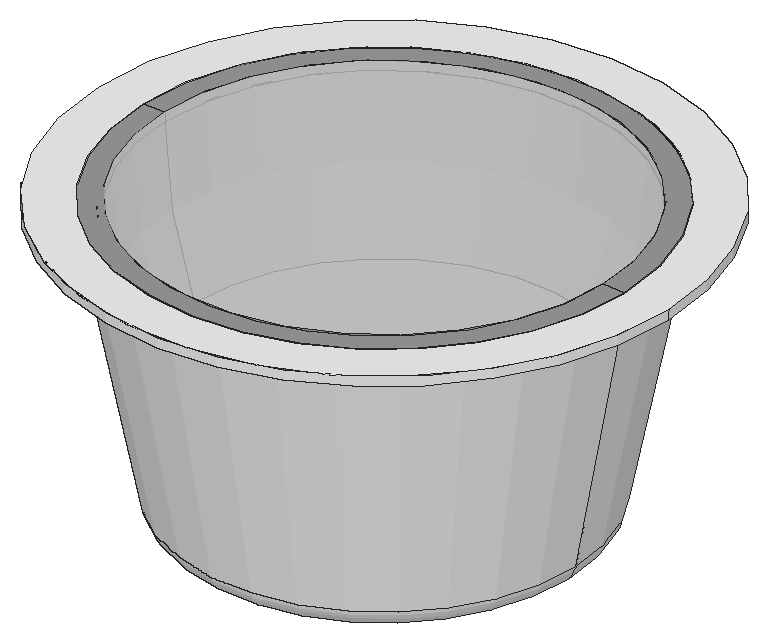
Revit family "2060563 Sylvania Lighting Fixture ASCENT 100 II ARCH 2700 3K DALI EMG 160", category Lighting Fixtures, host Face, Revit 2016
Family settings
  Host = Face
  Part Type = Normal
  Round Connector Dimension = Use Diameter
  OmniClass Number = 23.80.70.11.17
  OmniClass Title = Specialized Lighting by Location or Use
  Cut with Voids When Loaded = No
  Light Source = Yes
  Shared = No
  Room Calculation Point = No
Parameters (values of type "2060563 ASCT100 II ARCH 2700 3K DALI EMG 160 Emergency mode")
  WidthBezelAcc_SYL = 25.0 mm
  Weight = "1.92 kg"
  Wattage = 1.55652 W
  WarrantyStartDate [instance] = "n/a"
  WarrantyGuarantorParts = "n/a"
  WarrantyDurationUnit = "n/a"
  WarrantyDurationParts = "n/a"
  WarrantyDescription = "n/a"
  built-in parameter 1150110 = 1 (stored number, unit not read)
  Voltage = 0 V
  VisibilityAccessory_SYL = no
  TypeName = "ASCT100 II ARCH 2700 3K DALI EMG 160 Emergency mode"
  built-in parameter 1114217 = 1 (stored number, unit not read)
  Tilt Angle = -90°
  built-in parameter 1150109 = 1 (stored number, unit not read)
  built-in parameter 1150134 = (empty or 0)
  built-in parameter 1150113 = 1 (stored number, unit not read)
  SerialNumber [instance] = "n/a"
  ReflectorRadius_SYL = Radius_SYL - 14.5 mm  # 80.0 mm
  RadiusAcc_SYL = 105.0 mm
  Radius_SYL = 94.5 mm
  URL = "http://www.sylvania-lighting.com"
  PowerFactor = 0
  PowerConsumption = "23 W"
  Photometric Web File = "2060563EM.ies"
  NominalWidth = 0.0 mm
  NominalLength = 0.0 mm
  NominalHeight = 94.0 mm
  Name = "ASCT100 II ARCH 2700 3K DALI EMG 160 Emergency mode"
  ModelReference = "ASCT100 II ARCH 2700 3K DALI EMG 160 Emergency mode"
  ModelNumber = "2060563"
  Material_4_SYL = none
  Material_3_SYL = Polycarbonate_Sylvania_Ascent_Opal
  Material_2_SYL = Aluminium_Sylvania_Ascent_Silver
  Material_1_SYL = Aluminum_Sylvania_Ascent_White
  Material = "aluminium housing, arcylic diffuser"
  ManufacturerName = "Feilo Sylvania"
  LuminousEfficacy = "115 lm/W"
  built-in parameter 1150105 = 14.244 (stored number, unit not read)
  Lumens = 179 lm
  LuminaireType = ""
  built-in parameter 1150115 = 1 (stored number, unit not read)
  LightOutputRatio = "100"
  built-in parameter 1150137 = (empty or 0)
  built-in parameter 1150139 = (empty or 0)
  LampsType = Lamp  # "LED"
  LampNominalLuminous = "2649 lm"
  LampMacAdamStep = "3"
  LampColourTemperature = "3000 K"
  LampColourRenderingIndex = "80"
  built-in parameter 1150112 = 1 (stored number, unit not read)
  built-in parameter 1150114 = 1 (stored number, unit not read)
  Keynote = "16500"
  InstallationDate [instance] = "n/a"
  InputVoltage = "n/a"
  InputNominalFrequency = "n/a"
  built-in parameter 1150132 = (empty or 0)
  built-in parameter 1150102 = (empty or 0)
  built-in parameter 1150107 = 3000 (stored number, unit not read)
  built-in parameter 1150138 = (empty or 0)
  IngressProtection = "IP40"
  ImpactProtectionIndex = "IK02"
  built-in parameter 1150106 = 0.14244 (stored number, unit not read)
  IfcExportType = "IfcLightFixtureType"
  IfcExportAs = "IfcLightFixtureType"
  Height_SYL = 94.0 mm
  HeightAcc_SYL = 7.0 mm
  ExpectedLife = 50000
  EmittionSurface_SYL = if(VisibilityAccessory_SYL, 7.0 mm, 3.0 mm)  # 3.0 mm
  Emit from Circle Diameter = DiffuserRadius_SYL * 2  # 146.0 mm
  Emit Shape Visible in Rendering = no
  ElectricShockClassification = "Class II"
  built-in parameter 1150104 = 10.684 (stored number, unit not read)
  DurationUnit = "hours"
  DocumentationLiterature = "http://www.sylvania-lighting.com/product/en-int/products/2060563"
  DimmingControlOptions = "n/a"
  Dimming Lamp Color Temperature Shift = <None>
  DiffuserRadius_SYL = ReflectorRadius_SYL - 7.0 mm  # 73.0 mm
  Diameter_SYL = 2 * Radius_SYL  # 189.0 mm
  CutoutDiameter_SYL = Diameter_SYL - 13.0 mm  # 176.0 mm
  CreatedOn = "9/17/2018"
  CreatedBy = "@sylvania-lighting.com"
  Color Filter = 16777215
  built-in parameter 1114216 [instance] = 1 (stored number, unit not read)
  Model = "ASCT100 II ARCH 2700 3K DALI EMG 160 Emergency mode"
  Manufacturer = "Feilo Sylvania"
  Lamp = "LED"
  Description = "Direct LED retro fit for original LED 100 Arch (160) single CFL lamp offering Matching lumen levels and improved light distribution of original LED 100 CFL lamp equivalents Typically half the power consumption compared to CFL Up to 112lm/W 160mm aperture Architectural reflector accepts range of glass accessories from existing LED 100 Arch 160 offering HE, HO and VHO versions equivalent of single 1 x 18W, 1 x 32W, 1 x 42W\r\n Additional VVHO versions which offer the performance circa 2 x 32W equivalent"  # constant formula
  Default Elevation = 0.0 mm
  built-in parameter 1140040 [instance] = 1
  BarCode [instance] = "n/a"
  built-in parameter 1114218 = 1 (stored number, unit not read)
  built-in parameter 1150133 = 10 (stored number, unit not read)
  AssetType = "Fixed"
  AssetIdentifier [instance] = "n/a"
  Assembly Code = "D5020200"
  Apparent Load = 1.55652 VA
  Aperture_SYL = 2 * ReflectorRadius_SYL  # 160.0 mm
Types (2, lengths in mm): name | Wattage | TypeName | Photometric Web File | Name | ModelReference | built-in parameter 1150105 | Lumens | built-in parameter 1150106 | Model | Apparent Load
  2060563 ASCT100 II ARCH 2700 3K DALI EMG 160 Emergency mode | 1.55652 W | "ASCT100 II ARCH 2700 3K DALI EMG 160 Emergency mode" | "2060563EM.ies" | "ASCT100 II ARCH 2700 3K DALI EMG 160 Emergency mode" | "ASCT100 II ARCH 2700 3K DALI EMG 160 Emergency mode" | 14.244 (stored number, unit not read) | 179 lm | 0.14244 (stored number, unit not read) | "ASCT100 II ARCH 2700 3K DALI EMG 160 Emergency mode" | 1.55652 VA
  2060563 ASCT100 II ARCH 2700 3K DALI EMG 160 | 23 W | "ASCENT 100 II ARCH 2700 3K DALI EMG 160" | "2060563.ies" | "ASCENT 100 II ARCH 2700 3K DALI EMG 160" | "ASCENT 100 II ARCH 2700 3K DALI EMG 160" | 210.48 (stored number, unit not read) | 2645 lm | 2.1048 (stored number, unit not read) | "ASCENT 100 II ARCH 2700 3K DALI EMG 160" | 23 VA
Reference planes
  plane 1 "Center (Front/Back)": y = 0
  plane 2: z = 0
  plane 3 "Center (Left/Right)": x = 0
  plane 4 "Fixture Bottom": z = 3
  plane 5: z = -52.5
  plane 6 "Fixture Top": z = -91
  plane 7: x = -105
  plane 8: z = 7
  plane 9: x = -80
  plane 10: z = 5
  plane 11: x = -103
Forms (mm)
  Extrusion 1, solid, material "Aluminum_Sylvania_Ascent_White", detail levels fine
    sketch origin (0, 0, 0) x (1, 0, 0) y (0, 1, 0)
      loop
        circle (0, 0) r 94.5
      loop
        circle (0, 0) r 80
    from 0 to 3
  Extrusion 2, void
    sketch origin (0, 0, 0) x (1, 0, 0) y (0, 1, 0)
      loop
        circle (0, 0) r 88
    from -91 to 3
  Revolve 3, solid, material "Aluminum_Sylvania_Ascent_White" <- "Material_1_SYL", detail levels fine
    sketch origin (0, 0, 0) x (1, 0, 0) y (0, 0, 1)
      loop
        line (0, -91.073) -> (0, -89.023) -> (-55.468, -89.014)
        arc (-55.468, -89.014) -> (-59.352, -87.613) -> (-61.54, -84.139) r 6.307
        line (-61.54, -84.139) -> (-77.991, -2.844) -> (-77.991, 0) -> (-80, 0) -> (-80, -3) -> (-63.5, -84.536)
        arc (-63.5, -84.536) -> (-60.643, -89.203) -> (-55.5, -91.073) r 8.291
        line (-55.5, -91.073) -> (0, -91.073)
      axis (0, 0) -> (0, -91.073)
    angle from 0 to 360
  Revolve 4, solid, material "Aluminium_Sylvania_Ascent_Silver" <- "Material_2_SYL", detail levels fine
    sketch origin (0, 0, 0) x (1, 0, 0) y (0, 0, 1)
      loop
        line (-80, 3) -> (-80, 0) -> (-75, 0)
        arc (-75, 0) -> (-72.349, -26.77) -> (-64.5, -52.5) r 136.5
        line (-64.5, -52.5) -> (-58, -52.5)
        arc (-58, -52.5) -> (-56.857, -61.521) -> (-53.5, -69.971) r 36.166
        line (-53.5, -69.971) -> (0, -69.971) -> (0, -50.5) -> (-63.16, -50.5)
        arc (-63.16, -50.5) -> (-70.517, -25.725) -> (-73, 0) r 134.5
        line (-73, 0) -> (-73, 3) -> (-80, 3)
      axis (0, 3) -> (0, -69.971)
    angle from 0 to 360
  Extrusion 5, solid, material "Polycarbonate_Sylvania_Ascent_Opal" <- "Material_3_SYL", detail levels fine
    sketch origin (0, 0, 0) x (1, 0, 0) y (0, 1, 0)
      loop
        circle (0, 0) r 73
    from 0 to 3
  Revolve 6, solid, material "Aluminum_Sylvania_Ascent_White" <- "Material_1_SYL", detail levels coarse+medium
    sketch origin (0, 0, 0) x (1, 0, 0) y (0, 0, 1)
      loop
        line (0, -91.073) -> (0, 3) -> (-94.5, 3) -> (-94.5, 0) -> (-79.5, 0) -> (-79.5, -3) -> (-63, -84.536)
        arc (-63, -84.536) -> (-60.143, -89.203) -> (-55, -91.073) r 8.291
        line (-55, -91.073) -> (0, -91.073)
      axis (0, 3) -> (0, -91.073)
    angle from 0 to 360
  Revolve 7, solid, material "Aluminum_Sylvania_Ascent_White" <- "Material_1_SYL", visible <- "VisibilityAccessory_SYL"
    sketch origin (0, 0, 0) x (1, 0, 0) y (0, 0, 1)
      loop
        line (-105, 0) -> (-103, 0) -> (-103, 5) -> (-80, 5) -> (-80, 7) -> (-105, 7) -> (-105, 0)
      axis (0, 7) -> (0, 0)
    angle from 0 to 360
  Revolve 8, solid, material "Polycarbonate_Sylvania_Ascent_Opal" <- "Material_3_SYL", visible <- "VisibilityAccessory_SYL"
    sketch origin (0, 0, 0) x (1, 0, 0) y (0, 0, 1)
      loop
        line (-80, 7) -> (-80, 5) -> (0, 5) -> (0, 7) -> (-80, 7)
      axis (0, 7) -> (0, 5)
    angle from 0 to 360
Lines and regions (mm)
  reference lines
    curve 1: line (-150, 0, 3) -> (125, 0, 3)
Dimensions and locks
  locked: plane 4 "Fixture Bottom" to plane 2 at 3
  "Height_SYL": plane 4 "Fixture Bottom" to plane 6 "Fixture Top"
  "ReflectorRadius_SYL": plane 3 "Center (Left/Right)" to Revolve 4 sketch curve
  locked: Revolve 4 sketch curve to Revolve 4 sketch curve at 15.5
  locked: Revolve 4 sketch curve to Revolve 4 sketch curve at 5
  locked: Revolve 4 sketch curve to Revolve 4 sketch curve at 7
  locked: Revolve 4 sketch curve to Revolve 4 sketch curve at 22
  locked: Revolve 4 sketch curve to Revolve 4 sketch curve at 26.5
  locked: Revolve 3 sketch curve to Revolve 3 sketch curve at 16.5
  locked: Revolve 3 sketch curve to Revolve 3 sketch curve at 24.5
  "ReflectorRadius_SYL": Revolve 3 sketch curve to plane 3 "Center (Left/Right)"
  locked: Revolve 3 sketch curve to plane 6 "Fixture Top" at 6.464
  locked: plane 2 to Revolve 3 sketch curve at 3
  locked: Revolve 3 sketch curve to Revolve 3 sketch curve at 2
  locked: Revolve 3 sketch curve to Revolve 3 sketch curve at 2.009
  locked: plane 2 to plane 5 at 52.5
  locked: Revolve 6 sketch curve to Revolve 6 sketch curve at 31.5
  locked: Revolve 6 sketch curve to Revolve 6 sketch curve at 39.5
  locked: Revolve 6 sketch curve to Revolve 6 sketch curve at 15
  "Radius_SYL": plane 3 "Center (Left/Right)" to Revolve 6 sketch curve
  "RadiusAcc_SYL": plane 3 "Center (Left/Right)" to plane 7
  "HeightAcc_SYL": plane 8 to level
  "WidthBezelAcc_SYL": plane 7 to plane 9
  locked: plane 7 to plane 11 at 2
  locked: plane 8 to plane 10 at 2
  "EmittionSurface_SYL": curve 1 to level
  "CutoutDiameter_SYL": diameter of Extrusion 2 sketch curve
  "ReflectorRadius_SYL": radius of Extrusion 1 sketch curve
  "DiffuserRadius_SYL": radius of Extrusion 5 sketch curve
  "Radius_SYL": radius of Extrusion 1 sketch curve
  aligned and locked: host face to plane 2
  aligned and locked: host face to level
  aligned and locked: plane 4 "Fixture Bottom" to Extrusion 1
  aligned and locked: Extrusion 1 to plane 2
  aligned and locked: Revolve 3 sketch curve to plane 3 "Center (Left/Right)"
  aligned and locked: Revolve 4 sketch curve to plane 3 "Center (Left/Right)"  (x2)
  aligned and locked: plane 4 "Fixture Bottom" to Revolve 4 sketch curve
  aligned and locked: Extrusion 5 to plane 2
  aligned and locked: plane 2 to Revolve 3 sketch curve  (x2)
  aligned and locked: Revolve 6 sketch curve to plane 3 "Center (Left/Right)"
  aligned and locked: plane 6 "Fixture Top" to Extrusion 2
  aligned and locked: Revolve 7 sketch curve to plane 3 "Center (Left/Right)"
  aligned and locked: host face to Revolve 7 sketch curve  (x2)
  aligned and locked: Revolve 7 sketch curve to plane 7
  aligned and locked: plane 8 to Revolve 7 sketch curve
  aligned and locked: plane 9 to Revolve 7 sketch curve
  aligned and locked: Revolve 7 sketch curve to plane 10
  aligned and locked: plane 11 to Revolve 7 sketch curve
  aligned and locked: Revolve 7 to Revolve 8 sketch curve
  aligned and locked: Revolve 8 sketch curve to Revolve 7  (x2)
  aligned and locked: Revolve 8 sketch curve to plane 3 "Center (Left/Right)"  (x2)
  aligned and locked: plane 3 "Center (Left/Right)" to imposter light
  aligned and locked: imposter light to plane 1 "Center (Front/Back)"
  aligned and locked: imposter light to curve 1
Automatic sketch dimensions
  plane 1 "Center (Front/Back)" to Extrusion 2 sketch curve = 0.0 mm
  Extrusion 2 sketch curve to plane 3 "Center (Left/Right)" = 0.0 mm
  Extrusion 1 sketch curve to Extrusion 1 sketch curve = 0.0 mm  (x2)
  plane 1 "Center (Front/Back)" to Extrusion 1 sketch curve = 0.0 mm
  Extrusion 1 sketch curve to plane 3 "Center (Left/Right)" = 0.0 mm
  plane 6 "Fixture Top" to Revolve 3 sketch curve = 0.073 mm
  Revolve 3 sketch curve to plane 6 "Fixture Top" = 6.861 mm
  Revolve 3 sketch curve to Revolve 3 sketch curve = 0.003 mm
  Revolve 3 sketch curve to Revolve 3 sketch curve = 0.009 mm  (x2)
  Revolve 3 sketch curve to Revolve 3 sketch curve = 0.023 mm
  Revolve 3 sketch curve to Revolve 3 sketch curve = 0.072 mm
  Revolve 3 sketch curve to Revolve 3 sketch curve = 0.008 mm
  Revolve 3 sketch curve to plane 6 "Fixture Top" = 1.977 mm
  Revolve 3 sketch curve to Revolve 3 sketch curve = 33.496 mm
  Revolve 3 sketch curve to Revolve 3 sketch curve = 0.028 mm
  plane 4 "Fixture Bottom" to Revolve 3 sketch curve = 82.431 mm
  Revolve 4 sketch curve to Revolve 4 sketch curve = 0.0 mm  (x2)
  Revolve 4 sketch curve to plane 5 = 0.0 mm
  Revolve 4 sketch curve to level = 0.0 mm
  plane 5 to Revolve 4 sketch curve = 2.0 mm
  plane 4 "Fixture Bottom" to Revolve 4 sketch curve = 9.642 mm
  plane 1 "Center (Front/Back)" to Extrusion 5 sketch curve = 0.0 mm
  Extrusion 5 sketch curve to plane 3 "Center (Left/Right)" = 0.0 mm
  Revolve 4 sketch curve to level = 69.971 mm
  Revolve 4 sketch curve to Revolve 4 sketch curve = 2.387 mm
  Revolve 6 sketch curve to level = 0.0 mm
  Revolve 6 sketch curve to plane 3 "Center (Left/Right)" = 0.0 mm
  Revolve 6 sketch curve to Revolve 6 sketch curve = 8.104 mm
  Revolve 6 sketch curve to level = 3.0 mm
  Revolve 6 sketch curve to plane 6 "Fixture Top" = 6.464 mm
  plane 6 "Fixture Top" to Revolve 6 sketch curve = 0.073 mm
  Revolve 6 sketch curve to Revolve 6 sketch curve = 33.496 mm
  plane 4 "Fixture Bottom" to Revolve 6 sketch curve = 82.431 mm
  host sketch curve to host sketch curve = 1704.996 mm
  host sketch curve to host sketch curve = 1500.0 mm
  plane 6 "Fixture Top" to Revolve 7 sketch curve = 281.274 mm
  Revolve 7 sketch curve to plane 8 = 1140.706 mm
  plane 6 "Fixture Top" to Revolve 8 sketch curve = 281.274 mm
  Revolve 8 sketch curve to Revolve 8 sketch curve = 1140.706 mm
  Revolve 3 sketch curve to plane 3 "Center (Left/Right)" = 0.0 mm
  Revolve 6 sketch curve to plane 4 "Fixture Bottom" = 0.0 mm
  plane 7 to curve 1 = 45.0 mm
  plane 3 "Center (Left/Right)" to curve 1 = 125.0 mm
Connectors
  electrical at (0, 0, -91.073), driven by "Apparent Load"
    settings: on Revolve 3, index 1, voltage 240 V, apparent load 0 VA, apparent load phase1 1.55652 VA, apparent load phase2 0 VA, apparent load phase3 0 VA, power factor 1, load classification "Lighting", number of poles 1, system type 31, power factor state 1, is connector primary yes, connector utility no, sub classification motor no, connector description ""
